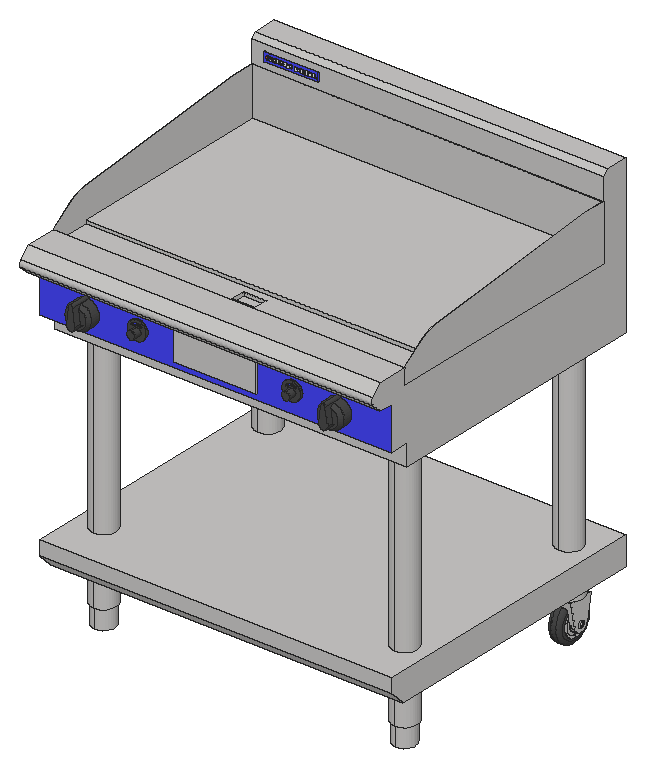
Revit family "QF_MOFFAT_BLUESEAL_CE_GP516-LS", category Specialty Equipment, Revit 2012
Parameters
  Weight in Pounds = 346  # constant formula
  Width [instance] = 900 mm  # constant formula
  URL Cutsheet = "www.moffat.com"
  URL = "www.moffat.com"
  Type Mark [instance] = ""
  Status [instance] = ""
  Specification by User [instance] = ""
  Specification by Manufacturer = ""
  Show Logo [instance] = yes
  Show Casters [instance] = yes
  Serial Number = ""
  Seismic Rating = ""
  SMACNA No = ""
  Revision Code [instance] = ""
  Omniclass Number and Title = ""
  NAFEM Spec ID Number = ""
  Model = "GP516-LS"
  Mechanical Remarks = ""
  Mechanical Connection Type = ""
  Masterspec = ""
  Manufacturer = "MOFFAT BLUESEAL"
  Legs [instance] = not(Show Casters)  # no
  Item Number [instance] = ""
  Installed By [instance] = ""
  Identify Quantity as Lot [instance] = yes
  Height = 970 mm  # constant formula
  Gas Size = 3/4"
  Gas RI Height [instance] = 0 mm
  Gas KW = 22.2
  Gas Input = 75825.0 Btu/h
  Gas Connection Height = 0 mm
  Furnished By [instance] = ""
  Foodservice Equipment Identifier [instance] = yes
  Description = "900MM GAS GRIDDLE PLATE ON LEG STAND"
  Depth [instance] = 812 mm  # constant formula
  CSI MasterFormat = ""
  CSI Master Format = ""
  Back Splash [instance] = 215 mm  # constant formula
Reference planes
  plane 1 "BACK": y = 0
  plane 2: z = 0
  plane 3 "LEFT": x = 0
  plane 4 "RIGHT": x = 900
  plane 5 "FRONT": y = -812
  plane 6 "TOP": z = 970
  plane 7 "Center Y": x = 450
  plane 8 "Center X": y = -406
  plane 9 "Base Height": z = 150
  plane 10: z = 915
  plane 11: y = -625
  plane 12: y = -100
  plane 13: x = 770
  plane 14: z = 710
  plane 15: y = -32
  plane 16: z = 1085
  plane 17: z = 740
  plane 18: x = 65.5
  plane 19: x = 834.5
Forms (mm)
  Extrusion 1, solid, material "QF_Finishes_Stainless Steel"
    sketch origin (0, 0, 0) x (0, 1, 0) y (0, 0, 1)
      loop
        line (0, 222.5) -> (-749, 222.5) -> (-749, 186) -> (-713, 150) -> (0, 150) -> (0, 222.5)
      loop
        line (0, 685) -> (0, 1085) -> (-57.5, 1085) -> (-70, 1072.5) -> (-70, 875) -> (-705, 875) -> (-705, 915) -> (-783.97, 915) -> (-808.485, 890.485)
        arc (-808.485, 890.485) -> (-811.999, 882) -> (-808.485, 873.515) r 12
        line (-808.485, 873.515) -> (-784.97, 850) -> (-749, 850) -> (-749, 740) -> (-699, 740) -> (-699, 685) -> (0, 685)
    from 0 to 900
  Revolve 2, solid, material "QF_Finishes_Stainless Steel", visible <- "Legs"
    sketch origin (834.5, -210, 0) x (0, 1, 0) y (0, 0, -1)
      loop
        line (78.25, -150) -> (110, -150) -> (110, 0) -> (82.5, 0) -> (82.5, -50) -> (78.25, -50) -> (78.25, -150)
      axis (110, -150) -> (110, 0)
    angle from 0 to 360
  Revolve 3, solid, material "QF_Finishes_Stainless Steel"
    sketch origin (834.5, -735, 0) x (0, 1, 0) y (0, 0, -1)
      loop
        line (78.25, -150) -> (110, -150) -> (110, 0) -> (82.5, 0) -> (82.5, -50) -> (78.25, -50) -> (78.25, -150)
      axis (110, -150) -> (110, 0)
    angle from 0 to 360
  Revolve 4, solid, material "QF_Finishes_Stainless Steel", visible <- "Legs"
    sketch origin (65, -210, 0) x (0, 1, 0) y (0, 0, -1)
      loop
        line (78.25, -150) -> (110, -150) -> (110, 0) -> (82.5, 0) -> (82.5, -50) -> (78.25, -50) -> (78.25, -150)
      axis (110, -150) -> (110, 0)
    angle from 0 to 360
  Revolve 5, solid, material "QF_Finishes_Stainless Steel"
    sketch origin (65, -735, 0) x (0, 1, 0) y (0, 0, -1)
      loop
        line (78.25, -150) -> (110, -150) -> (110, 0) -> (82.5, 0) -> (82.5, -50) -> (78.25, -50) -> (78.25, -150)
      axis (110, -150) -> (110, 0)
    angle from 0 to 360
  Revolve 6, solid, material "QF_Finishes_Black"
    sketch origin (127.5, 7, 597.8) x (0, 1, 0) y (0, 0, -1)
      loop
        line (-789, -229.5) -> (-766, -229.5) -> (-766, -202) -> (-756, -202) -> (-756, -197) -> (-800, -197) -> (-800, -223.651) -> (-789, -229.5)
      axis (-800, -197) -> (-756, -197)
    angle from 0 to 360
  Extrusion 7, solid, material "QF_Finishes_Black"
    sketch origin (115.851, 0, 597.958) x (-1, 0, 0) y (0, 0, -1)
      loop
        line (-22.15, -186.037) -> (-16.729, -228.955)
        arc (-16.729, -228.955) -> (-11.73, -233.842) -> (-6.732, -228.955) r 5
        line (-6.732, -228.955) -> (-1.243, -184.87)
        arc (-1.243, -184.87) -> (-12.315, -174.371) -> (-22.15, -186.037) r 10.487
    from 759 to 808
  Extrusion 8, solid, material "QF_Finishes_Stainless Steel"
    sketch origin (0, -749, 866) x (0, 0, -1) y (1, 0, 0)
      loop
        line (25.201, 345) -> (112.1, 345) -> (112.1, 555) -> (25.201, 555) -> (25.201, 345)
    from 0 to 2.5
  Extrusion 9, solid, material "QF_Finishes_Stainless Steel"
    sketch origin (0, -751.5, 866) x (0, 0, -1) y (1, 0, 0)
      loop
        line (32.201, 555) -> (25.201, 555) -> (25.201, 345) -> (32.201, 345) -> (32.201, 555)
    from 0 to 5
  Extrusion 10, void
    sketch origin (0, -756, 740) x (1, 0, 0) y (0, -1, 0)
      loop
        circle (769.998, -724) r 10
    from 0 to 86.329
  Extrusion 11, solid, material "QF_Finishes_Stainless Steel"
    sketch origin (0, 0, 222.5) x (0, -1, 0) y (1, 0, 0)
      loop
        circle (100, 65) r 31.75
      loop
        circle (625, 65) r 31.75
      loop
        circle (100, 835) r 31.75
      loop
        circle (625, 835) r 31.75
    from 0 to 462.5
  Revolve 12, solid, material "QF_Finishes_Stainless Steel", visible <- "Legs"
    sketch origin (65.5, -166, 0) x (0, 1, 0) y (0, 0, 1)
      loop
        line (34.25, 150) -> (34.25, 50) -> (38.5, 50) -> (38.5, 0) -> (66, 0) -> (66, 150) -> (34.25, 150)
      axis (66, 150) -> (66, 0)
    angle from 0 to 360
  Revolve 13, solid, material "QF_Finishes_Stainless Steel", visible <- "Legs"
    sketch origin (835, -166, 0) x (0, 1, 0) y (0, 0, -1)
      loop
        line (34.25, -150) -> (66, -150) -> (66, 0) -> (38.5, 0) -> (38.5, -50) -> (34.25, -50) -> (34.25, -150)
      axis (66, -150) -> (66, 0)
    angle from 0 to 360
  Revolve 14, solid, material "QF_Finishes_Stainless Steel", visible <- "Show Casters"
    sketch origin (16.276, -100.755, -13.653) x (1, 0, 0) y (0, 0, 1)
      loop
        line (14.841, 63.604) -> (83.584, 63.604) -> (83.584, 67.109) -> (82.314, 68.379) -> (80.79, 68.379) -> (80.79, 71.826) -> (68.644, 71.826) -> (68.644, 81.79) -> (65.088, 83.843) -> (63.738, 92.179) -> (65.881, 92.179) -> (65.881, 98.529) -> (65.088, 98.529) -> (65.088, 104.879)
        arc (65.088, 104.879) -> (62.298, 111.614) -> (55.563, 114.404) r 9.525
        line (55.563, 114.404) -> (42.863, 114.404)
        arc (42.863, 114.404) -> (36.127, 111.614) -> (33.338, 104.879) r 9.525
        line (33.338, 104.879) -> (33.338, 98.529) -> (32.544, 98.529) -> (32.544, 92.179) -> (34.687, 92.179) -> (33.352, 83.932) -> (29.782, 81.871) -> (29.782, 71.826) -> (17.635, 71.826) -> (17.635, 68.379) -> (16.111, 68.379) -> (14.841, 67.109) -> (14.841, 63.604)
      axis (14.841, 63.604) -> (83.584, 63.604)
    angle from 0 to 360
  Extrusion 15, solid, material "QF_Finishes_Stainless Steel", visible <- "Show Casters"
    sketch origin (72.001, 132.353, -8.783) x (0, 1, 0) y (0, 0, 1)
      loop
        line (-200.603, 118.783) -> (-264.103, 118.783) -> (-251.746, 53.895)
        arc (-251.746, 53.895) -> (-232.353, 38.783) -> (-212.959, 53.895) r 20
        line (-212.959, 53.895) -> (-200.603, 118.783)
    from -35.667 to 22.923
  Revolve 16, solid, material "QF_Finishes_Stainless Steel", visible <- "Show Casters"
    sketch origin (65.5, -204, 0) x (0, 1, 0) y (0, 0, 1)
      loop
        line (68.25, 150) -> (68.25, 110) -> (104, 110) -> (104, 150) -> (68.25, 150)
      axis (104, 150) -> (104, 110)
    angle from 0 to 360
  Revolve 17, solid, material "QF_Finishes_Stainless Steel", visible <- "Legs"
    sketch origin (65.5, -166, 0) x (0, 1, 0) y (0, 0, 1)
      loop
        line (34.25, 150) -> (34.25, 50) -> (38.5, 50) -> (38.5, 0) -> (66, 0) -> (66, 150) -> (34.25, 150)
      axis (66, 150) -> (66, 0)
    angle from 0 to 360
  Extrusion 18, solid, material "QF_Finishes_Stainless Steel", visible <- "Show Casters"
    sketch origin (841.501, 132.353, -8.783) x (0, 1, 0) y (0, 0, 1)
      loop
        line (-200.603, 118.783) -> (-264.103, 118.783) -> (-251.746, 53.895)
        arc (-251.746, 53.895) -> (-232.353, 38.783) -> (-212.959, 53.895) r 20
        line (-212.959, 53.895) -> (-200.603, 118.783)
    from -35.667 to 22.923
  Revolve 19, solid, material "QF_Finishes_Stainless Steel", visible <- "Show Casters"
    sketch origin (835, -204, 0) x (0, 1, 0) y (0, 0, 1)
      loop
        line (68.25, 150) -> (68.25, 110) -> (104, 110) -> (104, 150) -> (68.25, 150)
      axis (104, 150) -> (104, 110)
    angle from 0 to 360
  Revolve 20, solid, material "QF_Finishes_Stainless Steel", visible <- "Show Casters"
    sketch origin (786.276, -100.755, -13.653) x (1, 0, 0) y (0, 0, 1)
      loop
        line (14.841, 63.604) -> (83.584, 63.604) -> (83.584, 67.109) -> (82.314, 68.379) -> (80.79, 68.379) -> (80.79, 71.826) -> (68.644, 71.826) -> (68.644, 81.79) -> (65.088, 83.843) -> (63.738, 92.179) -> (65.881, 92.179) -> (65.881, 98.529) -> (65.088, 98.529) -> (65.088, 104.879)
        arc (65.088, 104.879) -> (62.298, 111.614) -> (55.563, 114.404) r 9.525
        line (55.563, 114.404) -> (42.863, 114.404)
        arc (42.863, 114.404) -> (36.127, 111.614) -> (33.338, 104.879) r 9.525
        line (33.338, 104.879) -> (33.338, 98.529) -> (32.544, 98.529) -> (32.544, 92.179) -> (34.687, 92.179) -> (33.352, 83.932) -> (29.782, 81.871) -> (29.782, 71.826) -> (17.635, 71.826) -> (17.635, 68.379) -> (16.111, 68.379) -> (14.841, 67.109) -> (14.841, 63.604)
      axis (14.841, 63.604) -> (83.584, 63.604)
    angle from 0 to 360
  Revolve 21, solid, material "QF_Finishes_Black"
    sketch origin (772.616, 7, 597.8) x (0, 1, 0) y (0, 0, -1)
      loop
        line (-789, -229.5) -> (-766, -229.5) -> (-766, -202) -> (-756, -202) -> (-756, -197) -> (-800, -197) -> (-800, -223.651) -> (-789, -229.5)
      axis (-800, -197) -> (-756, -197)
    angle from 0 to 360
  Extrusion 22, solid, material "QF_Finishes_Black"
    sketch origin (760.967, 0, 597.958) x (-1, 0, 0) y (0, 0, -1)
      loop
        line (-22.15, -186.037) -> (-16.729, -228.955)
        arc (-16.729, -228.955) -> (-11.73, -233.842) -> (-6.732, -228.955) r 5
        line (-6.732, -228.955) -> (-1.243, -184.87)
        arc (-1.243, -184.87) -> (-12.315, -174.371) -> (-22.15, -186.037) r 10.487
    from 759 to 808
  Extrusion 23, solid, material "QF_Finishes_Black"
    sketch origin (17.5, -749, 864.306) x (0, 0, -1) y (1, 0, 0)
      loop
        circle (70, 235) r 24
      loop
        arc (60.1, 249.913) -> (52.064, 235.125) -> (59.882, 220.219) r 17.868
        arc (59.882, 220.219) -> (60.362, 219.934) -> (60.877, 220.149) r 0.621
        arc (60.877, 220.149) -> (62.314, 222.708) -> (62.658, 225.622) r 7.495
        arc (62.658, 225.622) -> (62.454, 226.55) -> (62.006, 227.388) r 3.472
        arc (62.006, 227.388) -> (59.714, 234.851) -> (61.844, 242.362) r 13.786
        arc (61.844, 242.362) -> (62.484, 243.632) -> (62.749, 245.028) r 5.101
        arc (62.749, 245.028) -> (62.378, 247.547) -> (61.084, 249.739) r 6.611
        arc (61.084, 249.739) -> (60.622, 249.997) -> (60.1, 249.913) r 0.806
    from 0 to 5
  Extrusion 24, solid, material "QF_Finishes_Black"
    sketch origin (17.5, -754, 864.306) x (0, 0, -1) y (1, 0, 0)
      loop
        circle (73.5, 235) r 10
    from 0 to 18.251
  Extrusion 25, solid, material "QF_Finishes_Black"
    sketch origin (413.125, -749, 864.306) x (0, 0, -1) y (1, 0, 0)
      loop
        circle (70, 235) r 24
      loop
        arc (60.1, 249.913) -> (52.064, 235.125) -> (59.882, 220.219) r 17.868
        arc (59.882, 220.219) -> (60.362, 219.934) -> (60.877, 220.149) r 0.621
        arc (60.877, 220.149) -> (62.314, 222.708) -> (62.658, 225.622) r 7.495
        arc (62.658, 225.622) -> (62.454, 226.55) -> (62.006, 227.388) r 3.472
        arc (62.006, 227.388) -> (59.714, 234.851) -> (61.844, 242.362) r 13.786
        arc (61.844, 242.362) -> (62.484, 243.632) -> (62.749, 245.028) r 5.101
        arc (62.749, 245.028) -> (62.378, 247.547) -> (61.084, 249.739) r 6.611
        arc (61.084, 249.739) -> (60.622, 249.997) -> (60.1, 249.913) r 0.806
    from 0 to 5
  Extrusion 26, solid, material "QF_Finishes_Black"
    sketch origin (413.125, -754, 864.306) x (0, 0, -1) y (1, 0, 0)
      loop
        circle (73.5, 235) r 10
    from 0 to 18.251
Cuts and joins
  joined: Extrusion 8, Extrusion 9
  Extrusion 10 cuts Extrusion 1
Lines and regions (mm)
  Split face 1
    outline origin (900, 0, 1085) x (-1, 0, 0) y (0, -1, 0)
      loop
        arc (624, 45.385) -> (615.34, 40.385) -> (615.34, 30.385) r 10
        line (615.34, 30.385) -> (619.381, 23.385)
        arc (619.381, 23.385) -> (623.041, 19.725) -> (628.041, 18.385) r 10
        line (628.041, 18.385) -> (856, 18.385)
        arc (856, 18.385) -> (864.66, 23.385) -> (864.66, 33.385) r 10
        line (864.66, 33.385) -> (860.619, 40.385)
        arc (860.619, 40.385) -> (856.959, 44.045) -> (851.959, 45.385) r 10
        line (851.959, 45.385) -> (624, 45.385)
  Split face 2
    outline origin (900, 0, 1085) x (-1, 0, 0) y (0, -1, 0)
      loop
        arc (34, 45.385) -> (25.34, 40.385) -> (25.34, 30.385) r 10
        line (25.34, 30.385) -> (29.381, 23.385)
        arc (29.381, 23.385) -> (33.041, 19.725) -> (38.041, 18.385) r 10
        line (38.041, 18.385) -> (266, 18.385)
        arc (266, 18.385) -> (274.66, 23.385) -> (274.66, 33.385) r 10
        line (274.66, 33.385) -> (270.619, 40.385)
        arc (270.619, 40.385) -> (266.959, 44.045) -> (261.959, 45.385) r 10
        line (261.959, 45.385) -> (34, 45.385)
  Split face 3
    outline origin (900, 0, 1085) x (-1, 0, 0) y (0, -1, 0)
      loop
        line (336.021, 18.385) -> (563.979, 18.385)
        arc (563.979, 18.385) -> (572.64, 23.385) -> (572.64, 33.385) r 10
        line (572.64, 33.385) -> (568.598, 40.385)
        arc (568.598, 40.385) -> (564.938, 44.045) -> (559.938, 45.385) r 10
        line (559.938, 45.385) -> (331.979, 45.385)
        arc (331.979, 45.385) -> (323.319, 40.385) -> (323.319, 30.385) r 10
        line (323.319, 30.385) -> (327.36, 23.385)
        arc (327.36, 23.385) -> (331.021, 19.725) -> (336.021, 18.385) r 10
  Split face 4
    outline origin (495, -751.5, 753.9) x (1, 0, 0) y (0, 0, 1)
      loop
        arc (-38, 69) -> (-34, 73) -> (-38, 77) r 4
        line (-38, 77) -> (-52, 77)
        arc (-52, 77) -> (-56, 73) -> (-52, 69) r 4
        line (-52, 69) -> (-38, 69)
  symbolic lines
    curve 1: line (0, 0, 0) -> (0, -812, 0)
    curve 2: line (900, 0, 0) -> (0, 0, 0)
    curve 3: line (900, -812, 0) -> (900, 0, 0)
    curve 4: line (0, -70, 0) -> (900, -70, 0)
    curve 5: line (0, -812, 0) -> (900, -812, 0)
    curve 10: line (0, -57.5, 0) -> (900, -57.5, 0)
    curve 11: line (0, -783.97, 0) -> (900, -783.97, 0)
    curve 12: line (634, -18.385, 0) -> (861.959, -18.385, 0)
    curve 13: arc (861.959, -18.385, 0) -> (866.959, -19.725, 0) -> (870.619, -23.385, 0) r 10
    curve 14: line (870.619, -23.385, 0) -> (874.66, -30.385, 0)
    curve 15: arc (874.66, -30.385, 0) -> (874.66, -40.385, 0) -> (866, -45.385, 0) r 10
    curve 16: line (866, -45.385, 0) -> (638.041, -45.385, 0)
    curve 17: arc (638.041, -45.385, 0) -> (633.041, -44.045, 0) -> (629.381, -40.385, 0) r 10
    curve 18: line (629.381, -40.385, 0) -> (625.34, -33.385, 0)
    curve 19: arc (625.34, -33.385, 0) -> (625.34, -23.385, 0) -> (634, -18.385, 0) r 10
    curve 24: line (336.021, -18.385, 0) -> (563.979, -18.385, 0)
    curve 25: arc (563.979, -18.385, 0) -> (568.979, -19.725, 0) -> (572.64, -23.385, 0) r 10
    curve 26: line (572.64, -23.385, 0) -> (576.681, -30.385, 0)
    curve 27: arc (576.681, -30.385, 0) -> (576.681, -40.385, 0) -> (568.021, -45.385, 0) r 10
    curve 28: line (568.021, -45.385, 0) -> (340.062, -45.385, 0)
    curve 29: arc (340.062, -45.385, 0) -> (335.062, -44.045, 0) -> (331.402, -40.385, 0) r 10
    curve 30: line (331.402, -40.385, 0) -> (327.36, -33.385, 0)
    curve 31: arc (327.36, -33.385, 0) -> (327.36, -23.385, 0) -> (336.021, -18.385, 0) r 10
    curve 32: line (44, -18.385, 0) -> (271.959, -18.385, 0)
    curve 33: arc (271.959, -18.385, 0) -> (276.959, -19.725, 0) -> (280.619, -23.385, 0) r 10
    curve 34: line (280.619, -23.385, 0) -> (284.66, -30.385, 0)
    curve 35: arc (284.66, -30.385, 0) -> (284.66, -40.385, 0) -> (276, -45.385, 0) r 10
    curve 36: line (276, -45.385, 0) -> (48.041, -45.385, 0)
    curve 37: arc (48.041, -45.385, 0) -> (43.041, -44.045, 0) -> (39.381, -40.385, 0) r 10
    curve 38: line (39.381, -40.385, 0) -> (35.34, -33.385, 0)
    curve 39: arc (35.34, -33.385, 0) -> (35.34, -23.385, 0) -> (44, -18.385, 0) r 10
  symbolic lines, style "SpecialityEquipmentHiddenLines", visible <- "Show Casters"
    curve 6: line (78.456, -46.735, 0) -> (105.952, -62.61, 0)
    curve 7: line (27.656, -134.723, 0) -> (78.456, -46.735, 0)
    curve 8: line (55.152, -150.598, 0) -> (27.656, -134.723, 0)
    curve 9: line (105.952, -62.61, 0) -> (55.152, -150.598, 0)
    curve 20: line (847.956, -46.735, 0) -> (875.452, -62.61, 0)
    curve 21: line (797.156, -134.723, 0) -> (847.956, -46.735, 0)
    curve 22: line (824.652, -150.598, 0) -> (797.156, -134.723, 0)
    curve 23: line (875.452, -62.61, 0) -> (824.652, -150.598, 0)
Dimensions and locks
  equal spacing: plane 3 "LEFT", plane 7 "Center Y", plane 4 "RIGHT"
  "Width": plane 3 "LEFT" to plane 4 "RIGHT"
  equal spacing: plane 5 "FRONT", plane 8 "Center X", plane 1 "BACK"
  "Depth": plane 5 "FRONT" to plane 1 "BACK"
  locked: plane 10 to level at 915
  locked: plane 9 "Base Height" to level at 150
  plane 6 "TOP" to plane 10 = 55 mm
  plane 11 to plane 12 = 525 mm
  plane 13 to plane 4 "RIGHT" = 130 mm
  plane 14 to level = 710 mm
  plane 15 to plane 1 "BACK" = 32 mm
  plane 16 to plane 2 = 1085 mm
  Revolve 14 sketch curve to Revolve 14 sketch curve = 50.8 mm
  Extrusion 10 sketch curve to plane 1 "BACK" = 32 mm
  plane 17 to plane 2 = 740 mm
  Revolve 20 sketch curve to Revolve 20 sketch curve = 50.8 mm
  aligned and locked: level to plane 2
Automatic sketch dimensions
  plane 1 "BACK" to curve 1 = 0 mm
  curve 1 to plane 3 "LEFT" = 0 mm
  curve 5 to plane 4 "RIGHT" = 0 mm
  plane 5 "FRONT" to curve 5 = 0 mm
  plane 3 "LEFT" to curve 7 = 27.656 mm
  curve 39 to plane 15 = 1.385 mm
  curve 38 to plane 15 = 8.385 mm
  curve 38 to curve 38 = 4.041 mm
  plane 15 to curve 32 = 13.615 mm
  curve 39 to curve 32 = 8.66 mm
  curve 37 to plane 15 = 3.385 mm
  curve 39 to curve 37 = 4.041 mm
  curve 6 to curve 32 = 166.007 mm
  curve 33 to curve 35 = 4.041 mm  (x2)
  plane 15 to curve 33 = 8.615 mm
  curve 33 to curve 33 = 8.66 mm
  plane 15 to curve 35 = 1.615 mm
  curve 30 to plane 15 = 1.385 mm
  curve 34 to curve 30 = 42.7 mm
  curve 30 to plane 15 = 8.385 mm
  curve 30 to curve 30 = 4.041 mm
  plane 15 to curve 31 = 13.615 mm
  curve 31 to curve 31 = 8.66 mm
  curve 30 to curve 29 = 8.66 mm
  plane 7 "Center Y" to curve 24 = 113.979 mm
  curve 27 to plane 15 = 3.385 mm
  curve 25 to curve 27 = 4.041 mm
  plane 15 to curve 26 = 8.615 mm
  curve 25 to curve 26 = 8.66 mm
  plane 15 to curve 26 = 1.615 mm
  curve 26 to curve 26 = 4.041 mm
  curve 18 to plane 15 = 1.385 mm
  curve 27 to curve 18 = 48.659 mm
  curve 18 to plane 15 = 8.385 mm
  curve 19 to curve 18 = 4.041 mm
  plane 15 to curve 12 = 13.615 mm
  curve 19 to curve 12 = 8.66 mm
  curve 17 to curve 16 = 8.66 mm
  plane 13 to curve 22 = 27.156 mm
  curve 13 to curve 16 = 4.041 mm
  plane 15 to curve 13 = 8.615 mm
  curve 13 to curve 13 = 8.66 mm
  plane 15 to curve 15 = 1.615 mm
  curve 13 to curve 15 = 4.041 mm
  curve 11 to plane 5 "FRONT" = 28.03 mm
  curve 23 to plane 12 = 50.598 mm
  curve 9 to plane 12 = 50.598 mm
  curve 8 to curve 7 = 15.875 mm
  curve 22 to curve 21 = 15.875 mm
  curve 4 to curve 20 = 7.39 mm
  curve 4 to curve 10 = 12.5 mm
  curve 15 to plane 15 = 13.385 mm
  Extrusion 1 sketch curve to plane 10 = 0 mm
  Extrusion 1 sketch curve to plane 17 = 0 mm
  Extrusion 1 sketch curve to plane 9 "Base Height" = 0 mm
  Extrusion 1 sketch curve to plane 16 = 0 mm
  Extrusion 1 sketch curve to plane 1 "BACK" = 0 mm  (x2)
  Extrusion 1 sketch curve to plane 15 = 25.5 mm
  plane 12 to Extrusion 1 sketch curve = 30 mm
  Extrusion 1 sketch curve to plane 14 = 25 mm
  Extrusion 1 sketch curve to plane 11 = 74 mm
  Extrusion 1 sketch curve to plane 10 = 40 mm
  Extrusion 1 sketch curve to plane 11 = 80 mm
  Extrusion 1 sketch curve to plane 11 = 88 mm
  Extrusion 1 sketch curve to Extrusion 1 sketch curve = 44 mm
  Extrusion 1 sketch curve to Extrusion 1 sketch curve = 36 mm
  Extrusion 1 sketch curve to plane 5 "FRONT" = 28.03 mm
  Extrusion 1 sketch curve to plane 5 "FRONT" = 27.03 mm
  Extrusion 1 sketch curve to plane 5 "FRONT" = 12.001 mm
  Extrusion 1 sketch curve to plane 5 "FRONT" = 3.515 mm  (x2)
  plane 9 "Base Height" to Extrusion 1 sketch curve = 36 mm
  Extrusion 1 sketch curve to Extrusion 1 sketch curve = 36.5 mm
  Extrusion 1 sketch curve to plane 10 = 65 mm
  Extrusion 1 sketch curve to Extrusion 1 sketch curve = 23.515 mm
  Extrusion 1 sketch curve to Extrusion 1 sketch curve = 8.485 mm
  Extrusion 1 sketch curve to plane 16 = 12.5 mm
  Revolve 2 sketch curve to plane 9 "Base Height" = 0 mm
  Revolve 2 sketch curve to level = 0 mm
  Revolve 2 sketch curve to plane 12 = 0 mm  (x2)
  Revolve 2 sketch curve to Revolve 2 sketch curve = 27.5 mm
  Revolve 2 sketch curve to Revolve 2 sketch curve = 31.75 mm
  level to Revolve 2 sketch curve = 50 mm
  Revolve 2 sketch curve to Revolve 2 sketch curve = 0 mm
  Revolve 2 sketch curve to Revolve 2 sketch curve = 55 mm
  Revolve 3 sketch curve to plane 9 "Base Height" = 0 mm
  Revolve 3 sketch curve to level = 0 mm
  Revolve 3 sketch curve to plane 11 = 0 mm  (x2)
  Revolve 3 sketch curve to plane 11 = 27.5 mm
  Revolve 3 sketch curve to plane 11 = 31.75 mm
  level to Revolve 3 sketch curve = 50 mm
  Revolve 3 sketch curve to Revolve 3 sketch curve = 0 mm
  Revolve 3 sketch curve to Revolve 3 sketch curve = 55 mm
  Revolve 4 sketch curve to plane 9 "Base Height" = 0 mm
  Revolve 4 sketch curve to level = 0 mm
  Revolve 4 sketch curve to plane 12 = 0 mm  (x2)
  Revolve 4 sketch curve to plane 12 = 27.5 mm
  Revolve 4 sketch curve to plane 12 = 31.75 mm
  level to Revolve 4 sketch curve = 50 mm
  Revolve 4 sketch curve to Revolve 4 sketch curve = 0 mm
  Revolve 4 sketch curve to Revolve 4 sketch curve = 55 mm
  Revolve 5 sketch curve to plane 9 "Base Height" = 0 mm
  Revolve 5 sketch curve to level = 0 mm
  Revolve 5 sketch curve to plane 11 = 0 mm  (x2)
  Revolve 5 sketch curve to plane 11 = 27.5 mm
  Revolve 5 sketch curve to plane 11 = 31.75 mm
  level to Revolve 5 sketch curve = 50 mm
  Revolve 5 sketch curve to Revolve 5 sketch curve = 0 mm
  Revolve 5 sketch curve to Revolve 5 sketch curve = 55 mm
  Revolve 6 sketch curve to plane 5 "FRONT" = 19 mm
  Revolve 6 sketch curve to Revolve 6 sketch curve = 0 mm  (x2)
  Revolve 6 sketch curve to Revolve 6 sketch curve = 11 mm
  Revolve 6 sketch curve to Revolve 6 sketch curve = 12.7 mm
  Revolve 6 sketch curve to Revolve 6 sketch curve = 23 mm
  Revolve 6 sketch curve to Revolve 6 sketch curve = 10 mm
  plane 17 to Revolve 6 sketch curve = 87.3 mm
  Revolve 6 sketch curve to Revolve 6 sketch curve = 5.849 mm
  Revolve 6 sketch curve to Revolve 6 sketch curve = 27.5 mm
  Revolve 6 sketch curve to Revolve 6 sketch curve = 5 mm
  plane 17 to Extrusion 7 sketch curve = 43.995 mm
  Extrusion 7 sketch curve to Extrusion 7 sketch curve = 5.421 mm
  Extrusion 7 sketch curve to Extrusion 7 sketch curve = 10.419 mm
  Extrusion 7 sketch curve to Extrusion 7 sketch curve = 4.999 mm  (x2)
  plane 17 to Extrusion 7 sketch curve = 86.913 mm
  Extrusion 7 sketch curve to Extrusion 7 sketch curve = 10.487 mm
  Extrusion 7 sketch curve to Extrusion 7 sketch curve = 0.113 mm
  Extrusion 7 sketch curve to Extrusion 7 sketch curve = 1.167 mm
  Extrusion 8 sketch curve to plane 10 = 74.201 mm
  plane 17 to Extrusion 8 sketch curve = 13.9 mm
  Extrusion 8 sketch curve to plane 7 "Center Y" = 105 mm
  plane 7 "Center Y" to Extrusion 8 sketch curve = 105 mm
  Extrusion 9 sketch curve to Extrusion 8 = 0 mm  (x2)
  Extrusion 8 to Extrusion 9 sketch curve = 0 mm
  Extrusion 9 sketch curve to Extrusion 9 sketch curve = 7 mm
  Extrusion 10 sketch curve to plane 13 = 0.002 mm
  Extrusion 11 sketch curve to plane 12 = 0 mm  (x2)
  Extrusion 11 sketch curve to plane 11 = 0 mm  (x2)
  Extrusion 11 sketch curve to Extrusion 11 sketch curve = 31.75 mm
  plane 12 to Extrusion 11 sketch curve = 31.75 mm
  plane 11 to Extrusion 11 sketch curve = 31.75 mm  (x2)
  Revolve 12 sketch curve to plane 9 "Base Height" = 0 mm
  Revolve 12 sketch curve to level = 0 mm
  Revolve 12 sketch curve to plane 12 = 0 mm  (x2)
  Revolve 12 sketch curve to plane 12 = 27.5 mm
  Revolve 12 sketch curve to plane 12 = 31.75 mm
  Revolve 12 sketch curve to Revolve 12 sketch curve = 55 mm
  level to Revolve 12 sketch curve = 50 mm
  Revolve 12 sketch curve to Revolve 12 sketch curve = 0 mm
  Revolve 13 sketch curve to plane 9 "Base Height" = 0 mm
  Revolve 13 sketch curve to level = 0 mm
  Revolve 13 sketch curve to plane 12 = 0 mm  (x2)
  Revolve 13 sketch curve to plane 12 = 27.5 mm
  Revolve 13 sketch curve to plane 12 = 31.75 mm
  level to Revolve 13 sketch curve = 50 mm
  Revolve 13 sketch curve to Revolve 13 sketch curve = 0 mm
  Revolve 13 sketch curve to Revolve 13 sketch curve = 55 mm
  plane 3 "LEFT" to Revolve 14 sketch curve = 31.118 mm
  Revolve 14 sketch curve to Revolve 14 sketch curve = 1.27 mm  (x4)
  Revolve 14 sketch curve to Revolve 14 sketch curve = 1.524 mm  (x2)
  Revolve 14 sketch curve to Revolve 14 sketch curve = 12.146 mm  (x2)
  Revolve 14 sketch curve to Revolve 14 sketch curve = 0.794 mm  (x2)
  Revolve 14 sketch curve to Revolve 14 sketch curve = 3.57 mm
  Revolve 14 sketch curve to Revolve 14 sketch curve = 2.143 mm
  Revolve 14 sketch curve to Revolve 14 sketch curve = 1.349 mm  (x2)
  Revolve 14 sketch curve to Revolve 14 sketch curve = 3.556 mm
  Revolve 14 sketch curve to Revolve 14 sketch curve = 33.32 mm
  level to Revolve 14 sketch curve = 49.952 mm
  Revolve 14 sketch curve to Revolve 14 sketch curve = 0 mm
  Revolve 14 sketch curve to Revolve 14 sketch curve = 3.505 mm  (x2)
  Revolve 14 sketch curve to Revolve 14 sketch curve = 3.447 mm  (x2)
  Revolve 14 sketch curve to Revolve 14 sketch curve = 9.964 mm
  Revolve 14 sketch curve to Revolve 14 sketch curve = 10.045 mm
  Revolve 14 sketch curve to Revolve 14 sketch curve = 2.053 mm
  Revolve 14 sketch curve to Revolve 14 sketch curve = 2.061 mm
  Revolve 14 sketch curve to Revolve 14 sketch curve = 8.247 mm
  Revolve 14 sketch curve to Revolve 14 sketch curve = 8.336 mm
  Revolve 14 sketch curve to Revolve 14 sketch curve = 6.35 mm  (x2)
  Extrusion 15 sketch curve to plane 12 = 0 mm
  Extrusion 15 sketch curve to plane 12 = 19.393 mm
  Extrusion 15 sketch curve to plane 12 = 31.75 mm
  plane 12 to Extrusion 15 sketch curve = 19.393 mm
  plane 12 to Extrusion 15 sketch curve = 31.75 mm
  level to Extrusion 15 sketch curve = 45.111 mm
  Extrusion 15 sketch curve to Extrusion 15 sketch curve = 4.889 mm
  Extrusion 15 sketch curve to plane 9 "Base Height" = 40 mm
  Revolve 16 sketch curve to plane 9 "Base Height" = 0 mm
  Revolve 16 sketch curve to plane 12 = 0 mm  (x2)
  Revolve 16 sketch curve to plane 12 = 35.75 mm
  Revolve 16 sketch curve to plane 9 "Base Height" = 40 mm
  level to Revolve 16 sketch curve = 50 mm
  Revolve 16 sketch curve to level = 55 mm
  Revolve 17 sketch curve to plane 9 "Base Height" = 0 mm
  Revolve 17 sketch curve to level = 0 mm
  Revolve 17 sketch curve to plane 12 = 0 mm  (x2)
  Revolve 17 sketch curve to plane 12 = 27.5 mm
  Revolve 17 sketch curve to Revolve 17 sketch curve = 31.75 mm
  Revolve 17 sketch curve to Revolve 17 sketch curve = 55 mm
  level to Revolve 17 sketch curve = 50 mm
  Revolve 17 sketch curve to Revolve 17 sketch curve = 0 mm
  Extrusion 18 sketch curve to plane 12 = 0 mm
  Extrusion 18 sketch curve to plane 12 = 19.393 mm
  Extrusion 18 sketch curve to plane 12 = 31.75 mm
  plane 12 to Extrusion 18 sketch curve = 19.393 mm
  plane 12 to Extrusion 18 sketch curve = 31.75 mm
  level to Extrusion 18 sketch curve = 45.111 mm
  Extrusion 18 sketch curve to Extrusion 18 sketch curve = 4.889 mm
  Extrusion 18 sketch curve to plane 9 "Base Height" = 40 mm
  Revolve 19 sketch curve to plane 9 "Base Height" = 0 mm
  Revolve 19 sketch curve to plane 12 = 0 mm  (x2)
  Revolve 19 sketch curve to Revolve 19 sketch curve = 35.75 mm
  Revolve 19 sketch curve to plane 9 "Base Height" = 40 mm
  level to Revolve 19 sketch curve = 50 mm
  Revolve 19 sketch curve to level = 55 mm
  Split face 1 sketch curve to cut or joined group of Extrusion 1, Extrusion 10 = 27.115 mm
  Split face 1 sketch curve to cut or joined group of Extrusion 1, Extrusion 10 = 284.66 mm
  Split face 1 sketch curve to cut or joined group of Extrusion 1, Extrusion 10 = 23.385 mm
  Split face 1 sketch curve to Split face 1 sketch curve = 4.041 mm  (x4)
  Split face 1 sketch curve to Split face 1 sketch curve = 8.66 mm  (x2)
  Split face 1 sketch curve to cut or joined group of Extrusion 1, Extrusion 10 = 22.115 mm
  Split face 1 sketch curve to cut or joined group of Extrusion 1, Extrusion 10 = 48.041 mm
  Split face 1 sketch curve to cut or joined group of Extrusion 1, Extrusion 10 = 17.115 mm
  Split face 1 sketch curve to Split face 1 sketch curve = 17 mm
  Split face 1 sketch curve to Split face 1 sketch curve = 7 mm
  Split face 2 sketch curve to cut or joined group of Extrusion 1, Extrusion 10 = 25.34 mm
  Split face 2 sketch curve to Split face 2 sketch curve = 4.041 mm  (x4)
  Split face 2 sketch curve to Split face 2 sketch curve = 8.66 mm  (x2)
  Split face 2 sketch curve to cut or joined group of Extrusion 1, Extrusion 10 = 22.115 mm
  Split face 2 sketch curve to Split face 2 sketch curve = 223.917 mm
  Split face 2 sketch curve to cut or joined group of Extrusion 1, Extrusion 10 = 17.115 mm
  Split face 2 sketch curve to Split face 2 sketch curve = 10 mm
  Split face 2 sketch curve to Split face 2 sketch curve = 7 mm  (x3)
  Split face 3 sketch curve to cut or joined group of Extrusion 1, Extrusion 10 = 27.115 mm
  Split face 3 sketch curve to cut or joined group of Extrusion 1, Extrusion 10 = 323.319 mm
  Split face 3 sketch curve to cut or joined group of Extrusion 1, Extrusion 10 = 23.385 mm
  Split face 3 sketch curve to Split face 3 sketch curve = 4.041 mm  (x3)
  Split face 3 sketch curve to Split face 3 sketch curve = 8.66 mm  (x3)
  Split face 3 sketch curve to cut or joined group of Extrusion 1, Extrusion 10 = 12.115 mm
  Split face 3 sketch curve to Split face 3 sketch curve = 223.917 mm
  Split face 3 sketch curve to cut or joined group of Extrusion 1, Extrusion 10 = 18.385 mm
  Split face 3 sketch curve to Split face 3 sketch curve = 10 mm
  Split face 3 sketch curve to Split face 3 sketch curve = 7 mm
  plane 13 to Revolve 20 sketch curve = 31.118 mm
  Revolve 20 sketch curve to Revolve 20 sketch curve = 1.27 mm  (x4)
  Revolve 20 sketch curve to Revolve 20 sketch curve = 1.524 mm  (x2)
  Revolve 20 sketch curve to Revolve 20 sketch curve = 12.146 mm  (x2)
  Revolve 20 sketch curve to Revolve 20 sketch curve = 0.794 mm  (x2)
  Revolve 20 sketch curve to Revolve 20 sketch curve = 3.57 mm
  Revolve 20 sketch curve to Revolve 20 sketch curve = 2.143 mm
  Revolve 20 sketch curve to Revolve 20 sketch curve = 1.349 mm  (x2)
  Revolve 20 sketch curve to Revolve 20 sketch curve = 3.556 mm
  Revolve 20 sketch curve to plane 4 "RIGHT" = 3.18 mm
  level to Revolve 20 sketch curve = 49.952 mm
  Revolve 20 sketch curve to Revolve 20 sketch curve = 0 mm
  Revolve 20 sketch curve to Revolve 20 sketch curve = 3.505 mm  (x2)
  Revolve 20 sketch curve to Revolve 20 sketch curve = 3.447 mm  (x2)
  Revolve 20 sketch curve to Revolve 20 sketch curve = 9.964 mm
  Revolve 20 sketch curve to Revolve 20 sketch curve = 10.045 mm
  Revolve 20 sketch curve to Revolve 20 sketch curve = 2.053 mm
  Revolve 20 sketch curve to Revolve 20 sketch curve = 2.061 mm
  Revolve 20 sketch curve to Revolve 20 sketch curve = 8.247 mm
  Revolve 20 sketch curve to Revolve 20 sketch curve = 8.336 mm
  Revolve 20 sketch curve to Revolve 20 sketch curve = 6.35 mm  (x2)
  cut or joined group of Extrusion 8, Extrusion 9 to Split face 4 sketch curve = 10.899 mm
  Split face 4 sketch curve to cut or joined group of Extrusion 8, Extrusion 9 = 98 mm
  Split face 4 sketch curve to Split face 4 sketch curve = 14 mm
  Split face 4 sketch curve to Split face 4 sketch curve = 4 mm
  Revolve 21 sketch curve to plane 5 "FRONT" = 19 mm
  Revolve 21 sketch curve to Revolve 21 sketch curve = 0 mm  (x2)
  Revolve 21 sketch curve to Revolve 21 sketch curve = 11 mm
  Revolve 21 sketch curve to Revolve 21 sketch curve = 12.7 mm
  Revolve 21 sketch curve to Revolve 21 sketch curve = 23 mm
  Revolve 21 sketch curve to Revolve 21 sketch curve = 10 mm
  plane 17 to Revolve 21 sketch curve = 87.3 mm
  Revolve 21 sketch curve to Revolve 21 sketch curve = 5.849 mm
  Revolve 21 sketch curve to Revolve 21 sketch curve = 27.5 mm
  Revolve 21 sketch curve to Revolve 21 sketch curve = 5 mm
  plane 13 to Extrusion 22 sketch curve = 13.116 mm
  Extrusion 22 sketch curve to Extrusion 22 sketch curve = 5.421 mm
  Extrusion 22 sketch curve to Extrusion 22 sketch curve = 10.419 mm
  Extrusion 22 sketch curve to Extrusion 22 sketch curve = 4.999 mm  (x2)
  plane 17 to Extrusion 22 sketch curve = 86.913 mm
  Extrusion 22 sketch curve to Extrusion 22 sketch curve = 10.487 mm
  Extrusion 22 sketch curve to Extrusion 22 sketch curve = 0.113 mm
  Extrusion 22 sketch curve to Extrusion 22 sketch curve = 42.919 mm
  Extrusion 22 sketch curve to Extrusion 22 sketch curve = 1.167 mm
  plane 3 "LEFT" to curve 39 = 35.34 mm
  curve 7 to curve 8 = 27.496 mm
  curve 6 to plane 15 = 14.735 mm
  Extrusion 7 sketch curve to plane 7 "Center Y" = 312 mm
  plane 3 "LEFT" to Extrusion 11 sketch curve = 65 mm  (x2)
  Revolve 14 sketch curve to Revolve 14 sketch curve = 0.808 mm
  Revolve 14 sketch curve to Revolve 14 sketch curve = 9.525 mm
  Revolve 14 sketch curve to Revolve 14 sketch curve = 24.572 mm
  Revolve 14 sketch curve to Revolve 14 sketch curve = 12.7 mm
  Revolve 14 sketch curve to Revolve 14 sketch curve = 8.176 mm
  curve 21 to curve 23 = 27.496 mm
  curve 21 to plane 15 = 14.735 mm
  curve 20 to curve 12 = 14.003 mm
  Extrusion 11 sketch curve to Extrusion 11 sketch curve = 0 mm  (x2)
  plane 4 "RIGHT" to Extrusion 11 sketch curve = 65 mm  (x2)
  Revolve 20 sketch curve to Revolve 20 sketch curve = 0.808 mm
  Revolve 20 sketch curve to Revolve 20 sketch curve = 9.525 mm
  Revolve 20 sketch curve to Revolve 20 sketch curve = 24.572 mm
  Revolve 20 sketch curve to Revolve 20 sketch curve = 12.7 mm
  Revolve 20 sketch curve to Revolve 20 sketch curve = 8.176 mm
  plane 17 to Extrusion 23 sketch curve = 69.119 mm
  Extrusion 23 sketch curve to Extrusion 23 sketch curve = 0.958 mm
  Extrusion 23 sketch curve to Extrusion 23 sketch curve = 1.509 mm
  Extrusion 23 sketch curve to Extrusion 23 sketch curve = 4.01 mm
  Extrusion 23 sketch curve to Extrusion 23 sketch curve = 0.685 mm
  Extrusion 23 sketch curve to Extrusion 23 sketch curve = 2.447 mm
  Extrusion 23 sketch curve to Extrusion 23 sketch curve = 0.524 mm
  Extrusion 23 sketch curve to Extrusion 23 sketch curve = 0.381 mm
  Extrusion 23 sketch curve to Extrusion 23 sketch curve = 0.472 mm
  Extrusion 23 sketch curve to Extrusion 23 sketch curve = 0 mm  (x5)
  Extrusion 23 sketch curve to Extrusion 23 sketch curve = 0.602 mm
  Extrusion 23 sketch curve to Extrusion 23 sketch curve = 4.19 mm
  Extrusion 23 sketch curve to Extrusion 23 sketch curve = 2.809 mm
  Extrusion 23 sketch curve to Extrusion 23 sketch curve = 0.652 mm
  Extrusion 23 sketch curve to Extrusion 23 sketch curve = 0.905 mm
  Extrusion 23 sketch curve to Extrusion 23 sketch curve = 8.087 mm
  Extrusion 23 sketch curve to Extrusion 23 sketch curve = 0.069 mm
  Extrusion 23 sketch curve to Extrusion 23 sketch curve = 3.5 mm
  plane 18 to Extrusion 23 sketch curve = 172.149 mm
  Extrusion 23 sketch curve to Extrusion 23 sketch curve = 0.07 mm
  Extrusion 23 sketch curve to Extrusion 23 sketch curve = 7.606 mm
  Extrusion 23 sketch curve to Extrusion 23 sketch curve = 0.007 mm
  plane 17 to Extrusion 25 sketch curve = 69.119 mm
  Extrusion 25 sketch curve to Extrusion 25 sketch curve = 0.958 mm
  Extrusion 25 sketch curve to Extrusion 25 sketch curve = 1.509 mm
  Extrusion 25 sketch curve to Extrusion 25 sketch curve = 4.01 mm
  Extrusion 25 sketch curve to Extrusion 25 sketch curve = 0.685 mm
  Extrusion 25 sketch curve to Extrusion 25 sketch curve = 2.447 mm
  Extrusion 25 sketch curve to Extrusion 25 sketch curve = 0.524 mm
  Extrusion 25 sketch curve to Extrusion 25 sketch curve = 0.381 mm
  Extrusion 25 sketch curve to Extrusion 25 sketch curve = 0.472 mm
  Extrusion 25 sketch curve to Extrusion 25 sketch curve = 0 mm  (x5)
  Extrusion 25 sketch curve to Extrusion 25 sketch curve = 0.602 mm
  Extrusion 25 sketch curve to Extrusion 25 sketch curve = 4.19 mm
  Extrusion 25 sketch curve to Extrusion 25 sketch curve = 2.809 mm
  Extrusion 25 sketch curve to Extrusion 25 sketch curve = 0.652 mm
  Extrusion 25 sketch curve to Extrusion 25 sketch curve = 0.905 mm
  Extrusion 25 sketch curve to Extrusion 25 sketch curve = 8.087 mm
  Extrusion 25 sketch curve to Extrusion 25 sketch curve = 0.069 mm
  Extrusion 25 sketch curve to Extrusion 25 sketch curve = 3.5 mm
  Extrusion 25 sketch curve to plane 13 = 136.726 mm
  Extrusion 25 sketch curve to Extrusion 25 sketch curve = 0.07 mm
  Extrusion 25 sketch curve to Extrusion 25 sketch curve = 7.606 mm
  Extrusion 25 sketch curve to Extrusion 25 sketch curve = 0.007 mm
  radius of Extrusion 10 sketch curve = 10 mm
  radius of Extrusion 23 sketch curve = 24 mm
  radius of Extrusion 24 sketch curve to Extrusion 23 = 3.786 mm
  radius of Extrusion 25 sketch curve = 24 mm
  radius of Extrusion 26 sketch curve to Extrusion 25 = 3.786 mm
Nested families
  nested 1: "WALDORF LOGO_FACE BASE" at (32, -70, 1056.885) x (1, 0, 0) z (0, -1, 0), visible <- "Show Logo", type "WALDORF LOGO_FACE BASE", detail levels medium+fine
    with Show Logo yes
  nested 2: "GAS GRIDDLE 900" at (0, -70, 874.5), type "GAS GRIDDLE 900"
    with Width 900 mm, Type Mark "", Status "", Specification by User "", Show Clearance yes, Revision Code "", Number of Poles 1, Mechanical Remarks "", Mechanical Connection Type "", Item Number "", Installed By "", Identify Quantity as Lot yes, Gas RI Height 0 mm, Gas KW 0, Gas Input 0.0 Btu/h, Furnished By "", Foodservice Equipment Identifier yes, Electrical Remarks "", Electric Connection Type "", Elec Conn RI Height 0 mm, Elec Conn Connection Height 0 mm, Depth 635 mm
Definition of nested family "WALDORF LOGO_FACE BASE"
  Parameters (values of type "WALDORF LOGO_FACE BASE")
    Show Logo [instance] = yes
    Default Elevation = 1219.2 mm
  Reference planes
    plane 1 "Center (Front/Back)": y = 0
    plane 2: z = 0
    plane 3 "Center (Left/Right)": x = 0
  Forms (mm)
    Extrusion 1, solid
      sketch origin (0, 0, 0) x (1, 0, 0) y (0, 1, 0)
        loop
          line (-1219.2, 1219.2) -> (-1219.2, -1219.2) -> (1219.2, -1219.2) -> (1219.2, 1219.2) -> (-1219.2, 1219.2)
      from 0 to -304.8
    Extrusion 2, solid, material "QF_Finishes_Blue", visible <- "Show Logo"
      sketch origin (0, -33.217, 0) x (1, 0, 0) y (0, 1, 0)
        loop
          arc (138, 31.942) -> (137.626, 32.844) -> (136.724, 33.217) r 1.276
          line (136.724, 33.217) -> (1.29, 33.217)
          arc (1.29, 33.217) -> (0.378, 32.839) -> (0, 31.927) r 1.29
          line (0, 31.927) -> (0, 11.507)
          arc (0, 11.507) -> (0.378, 10.595) -> (1.29, 10.217) r 1.29
          line (1.29, 10.217) -> (136.71, 10.217)
          arc (136.71, 10.217) -> (137.622, 10.595) -> (138, 11.507) r 1.29
          line (138, 11.507) -> (138, 31.942)
      from 0 to 1.588
    Extrusion 3, solid, material "QF_Finishes_White", visible <- "Show Logo"
      sketch origin (0, -33.217, 1.588) x (1, 0, 0) y (0, 1, 0)
        loop
          arc (108.946, 25.919) -> (107.613, 25.367) -> (107.061, 24.034) r 1.885
          line (107.061, 24.034) -> (107.061, 17.211) -> (112.704, 17.211) -> (112.704, 19.129) -> (115.546, 19.129) -> (115.546, 17.211) -> (121.584, 17.211) -> (121.584, 24.075)
          arc (121.584, 24.075) -> (121.043, 25.379) -> (119.739, 25.919) r 1.845
          line (119.739, 25.919) -> (108.946, 25.919)
        loop
          line (123.478, 25.919) -> (123.478, 17.163) -> (134.904, 17.163) -> (134.904, 19.129) -> (129.246, 19.129) -> (129.246, 25.919) -> (123.478, 25.919)
        loop
          line (112.704, 21.258) -> (115.546, 21.258) -> (115.546, 22.702)
          arc (115.546, 22.702) -> (115.344, 23.188) -> (114.858, 23.389) r 0.687
          line (114.858, 23.389) -> (113.363, 23.389)
          arc (113.363, 23.389) -> (112.897, 23.196) -> (112.704, 22.73) r 0.658
          line (112.704, 22.73) -> (112.704, 21.258)
        loop
          line (105.071, 25.919) -> (93.771, 25.919) -> (93.771, 17.163) -> (105.071, 17.163) -> (105.071, 19.063) -> (99.535, 19.063) -> (99.535, 20.437) -> (105.071, 20.437) -> (105.071, 22.278) -> (99.535, 22.278) -> (99.535, 23.587) -> (105.071, 23.587) -> (105.071, 25.919)
        loop
          line (91.104, 25.919) -> (79.541, 25.919)
          arc (79.541, 25.919) -> (78.558, 25.513) -> (78.152, 24.53) r 1.389
          line (78.152, 24.53) -> (78.152, 22.08)
          arc (78.152, 22.08) -> (78.558, 21.098) -> (79.541, 20.691) r 1.389
          line (79.541, 20.691) -> (86.346, 20.691) -> (86.346, 18.864) -> (83.266, 18.864) -> (83.266, 19.664) -> (78.152, 19.664) -> (78.152, 18.553)
          arc (78.152, 18.553) -> (78.558, 17.57) -> (79.541, 17.163) r 1.389
          line (79.541, 17.163) -> (91.063, 17.163)
          arc (91.063, 17.163) -> (92.045, 17.57) -> (92.452, 18.553) r 1.389
          line (92.452, 18.553) -> (92.452, 20.691)
          arc (92.452, 20.691) -> (92.045, 21.673) -> (91.063, 22.08) r 1.389
          line (91.063, 22.08) -> (83.266, 22.08) -> (83.266, 23.984) -> (86.346, 23.984) -> (86.346, 22.743) -> (92.452, 22.743) -> (92.452, 24.571)
          arc (92.452, 24.571) -> (92.057, 25.524) -> (91.104, 25.919) r 1.348
        loop
          line (70.705, 25.919) -> (59.405, 25.919) -> (59.405, 17.163) -> (70.705, 17.163) -> (70.705, 19.063) -> (65.169, 19.063) -> (65.169, 20.437) -> (70.705, 20.437) -> (70.705, 22.278) -> (65.169, 22.278) -> (65.169, 23.587) -> (70.705, 23.587) -> (70.705, 25.919)
        loop
          line (57.598, 25.919) -> (51.7, 25.919) -> (51.7, 20.18)
          arc (51.7, 20.18) -> (50.63, 19.11) -> (49.56, 20.18) r 1.07
          line (49.56, 20.18) -> (49.56, 25.919) -> (43.663, 25.919) -> (43.663, 19.049)
          arc (43.663, 19.049) -> (44.215, 17.716) -> (45.548, 17.163) r 1.885
          line (45.548, 17.163) -> (55.71, 17.163)
          arc (55.71, 17.163) -> (57.045, 17.716) -> (57.598, 19.051) r 1.887
          line (57.598, 19.051) -> (57.598, 25.919)
        loop
          line (31.62, 25.919) -> (31.62, 17.163) -> (43.046, 17.163) -> (43.046, 19.129) -> (37.388, 19.129) -> (37.388, 25.919) -> (31.62, 25.919)
        loop
          line (15.969, 25.919) -> (15.969, 17.163) -> (28.693, 17.163)
          arc (28.693, 17.163) -> (29.812, 17.627) -> (30.276, 18.746) r 1.582
          line (30.276, 18.746) -> (30.276, 20.447) -> (29.48, 21.243) -> (30.276, 22.039) -> (30.276, 24.332)
          arc (30.276, 24.332) -> (29.811, 25.454) -> (28.688, 25.919) r 1.587
          line (28.688, 25.919) -> (15.969, 25.919)
        loop
          line (21.449, 24.159) -> (21.449, 22.436) -> (23.862, 22.436)
          arc (23.862, 22.436) -> (24.723, 23.298) -> (23.862, 24.159) r 0.861
          line (23.862, 24.159) -> (21.449, 24.159)
        loop
          line (21.449, 20.244) -> (21.449, 18.522) -> (23.862, 18.522)
          arc (23.862, 18.522) -> (24.723, 19.383) -> (23.862, 20.244) r 0.861
          line (23.862, 20.244) -> (21.449, 20.244)
      from 0 to 0.2
    Extrusion 4, solid, material "QF_Finishes_Blue", visible <- "Show Logo"
      sketch origin (-126.498, -31.09, 1.588) x (1, 0, 0) y (0, 1, 0)
        loop
          line (136.738, 23.522) -> (136.738, 15.1)
          arc (136.738, 15.1) -> (140.756, 19.311) -> (136.738, 23.522) r 4.216
      from 0 to 0.2
    Extrusion 5, solid, material "QF_Finishes_Red", visible <- "Show Logo"
      sketch origin (146.849, -31.09, 1.588) x (-1, 0, 0) y (0, -1, 0)
        loop
          arc (136.738, -23.522) -> (140.756, -19.311) -> (136.738, -15.1) r 4.216
          line (136.738, -15.1) -> (136.738, -23.522)
      from 0 to 0.2
  Lines and regions (mm)
    Split face 1
      outline origin (-90.35, -30.793, 1.588) x (1, 0, 0) y (0, 1, 0)
        loop
          circle (100.54, 19.013) r 4.536
  Dimensions and locks
    aligned and locked: plane 2 to Extrusion 1
    aligned and locked: level to Extrusion 1
Definition of nested family "GAS GRIDDLE 900"
  Parameters (values of type "GAS GRIDDLE 900")
    Width [instance] = 900 mm
    Weight in Pounds = 0
    Watts = 0 W
    Volts = 0 V
    URL Cutsheet = ""
    Type Mark [instance] = ""
    Status [instance] = ""
    Specification by User [instance] = ""
    Specification by Manufacturer = ""
    Show Clearance [instance] = yes
    Serial Number = ""
    Seismic Rating = ""
    SMACNA No = ""
    Revision Code [instance] = ""
    Phase = 1
    Omniclass Number and Title = ""
    Number of Poles [instance] = 1
    NAFEM Spec ID Number = ""
    Min Ckt Ampacity = 0 A
    Mechanical Remarks [instance] = ""
    Mechanical Connection Type [instance] = ""
    Max Overcurrent Protection = 0 A
    Masterspec = ""
    Item Number [instance] = ""
    Installed By [instance] = ""
    Identify Quantity as Lot [instance] = yes
    HP = ""
    Gas Size = 0"
    Gas RI Height [instance] = 0 mm
    Gas KW [instance] = 0
    Gas Input [instance] = 0.0 Btu/h
    Gas Connection Height = 0 mm
    Furnished By [instance] = ""
    Foodservice Equipment Identifier [instance] = yes
    FL Amps = 0 A
    Electrical Remarks [instance] = ""
    Electric Connection Type [instance] = ""
    Elec Conn RI Height [instance] = 0 mm
    Elec Conn Connection Height [instance] = 0 mm
    Depth [instance] = 635 mm
    Cycle = 0 Hz
    Conn Plug = ""
    Conn Conduit = yes
    CSI MasterFormat = ""
    CSI Master Format = ""
    Apparent Power = if(Phase = 3, Volts * FL Amps * 1.73, Volts * FL Amps)  # 0 VA
  Reference planes
    plane 1 "BACK": y = 0
    plane 2: z = 0
    plane 3 "LEFT": x = 0
    plane 4 "RIGHT": x = 900
    plane 5 "FRONT": y = -635
    plane 6 "TOP": z = 142.5
    plane 7 "Center Y": x = 450
    plane 8 "Center X": y = -317.5
    plane 9: y = -530.997
    plane 10: y = -541.497
    plane 11: y = -503.25
    plane 12: y = -557.737
  Forms (mm)
    Extrusion 1, solid, material "QF_Finishes_Stainless Steel"
      sketch origin (0, 70.003, -874.5) x (0, 1, 0) y (0, 0, 1)
        loop
          line (-70, 875) -> (-70, 1017) -> (-127.048, 1017) -> (-604.533, 971.023)
          arc (-604.533, 971.023) -> (-629.56, 965.303) -> (-652.306, 953.399) r 100
          line (-652.306, 953.399) -> (-705.003, 916.5) -> (-705.003, 875) -> (-70, 875)
      from 0 to 1.8
    Extrusion 2, solid, material "QF_Finishes_Stainless Steel"
      sketch origin (600, 70.003, -874.5) x (0, -1, 0) y (0, 0, 1)
        loop
          line (70, 875) -> (705.003, 875) -> (705.003, 916.5) -> (652.306, 953.399)
          arc (652.306, 953.399) -> (629.56, 965.303) -> (604.533, 971.023) r 100
          line (604.533, 971.023) -> (127.048, 1017) -> (70, 1017) -> (70, 875)
      from -300 to -298.8
    Extrusion 3, solid, material "QF_Finishes_Stainless Steel"
      sketch origin (150, 70.003, -874.5) x (0, 1, 0) y (0, 0, 1)
        loop
          line (-70.003, 894) -> (-602.103, 894) -> (-602.103, 884.5) -> (-683.795, 884.5) -> (-683.795, 895) -> (-705.003, 895) -> (-705.003, 875) -> (-70.003, 875) -> (-70.003, 894)
      from -148.2 to 748.8
    Extrusion 4, void
      sketch origin (150, -561.497, 10) x (0, -1, 0) y (1, 0, 0)
        loop
          line (-9.205, 270) -> (29.295, 270) -> (29.295, 330) -> (-9.205, 330) -> (-9.205, 270)
      from -41.4 to 40.142
    Extrusion 5, solid, material "QF_Finishes_Stainless Steel"
      sketch origin (0, 0, 0) x (1, 0, 0) y (0, 1, 0)
        loop
          line (1.8, 0) -> (1.8, -1.2) -> (898.8, -1.2) -> (898.8, 0) -> (1.8, 0)
      from 19.5 to 142.5
  Cuts and joins
    Extrusion 4 cuts Extrusion 3
    joined: Extrusion 1, Extrusion 2, Extrusion 3
  Lines and regions (mm)
    symbolic lines
      curve 1: line (900, -532.1, 0) -> (0, -532.1, 0)
      curve 2: line (0, -613.792, 0) -> (900, -613.792, 0)
      curve 3: line (0, 0, 0) -> (900, 0, 0)
      curve 4: line (900, 0, 0) -> (900, -635, 0)
      curve 5: line (0, -635, 0) -> (0, 0, 0)
      curve 6: line (0, -635, 0) -> (900, -635, 0)
      curve 7: line (420, -552.292, 0) -> (480, -552.292, 0)
      curve 8: line (420, -590.792, 0) -> (420, -552.292, 0)
      curve 9: line (480, -590.792, 0) -> (420, -590.792, 0)
      curve 10: line (480, -552.292, 0) -> (480, -590.792, 0)
  Dimensions and locks
    equal spacing: plane 3 "LEFT", plane 7 "Center Y", plane 4 "RIGHT"
    "Width": plane 3 "LEFT" to plane 4 "RIGHT"
    equal spacing: plane 5 "FRONT", plane 8 "Center X", plane 1 "BACK"
    "Depth": plane 5 "FRONT" to plane 1 "BACK"
    locked: Extrusion 2 to Extrusion 2 at 1.2
    aligned and locked: level to plane 2
    aligned and locked: Extrusion 2 to plane 4 "RIGHT"
    aligned and locked: cut or joined group of Extrusion 1, Extrusion 2, Extrusion 3, Extrusion 4 to cut or joined group of Extrusion 1, Extrusion 2, Extrusion 3, Extrusion 4
  Automatic sketch dimensions
    Extrusion 1 sketch curve to plane 5 "FRONT" = 0 mm
    Extrusion 1 sketch curve to plane 6 "TOP" = 0 mm
    plane 12 to Extrusion 1 sketch curve = 24.566 mm
    Extrusion 1 sketch curve to plane 12 = 23.207 mm
    Extrusion 1 sketch curve to level = 3.016 mm
    plane 11 to Extrusion 1 sketch curve = 21.695 mm
    plane 1 "BACK" to Extrusion 1 sketch curve = 57.045 mm
    Extrusion 1 sketch curve to plane 1 "BACK" = 0.003 mm
    level to Extrusion 1 sketch curve = 0.5 mm
    Extrusion 1 sketch curve to Extrusion 1 sketch curve = 41.5 mm
    Extrusion 1 sketch curve to plane 6 "TOP" = 63.601 mm
    Extrusion 2 sketch curve to plane 6 "TOP" = 0 mm
    Extrusion 2 sketch curve to plane 5 "FRONT" = 0 mm
    plane 12 to Extrusion 2 sketch curve = 24.566 mm
    Extrusion 2 sketch curve to plane 12 = 23.207 mm
    Extrusion 2 sketch curve to level = 3.016 mm
    plane 11 to Extrusion 2 sketch curve = 21.695 mm
    plane 1 "BACK" to Extrusion 2 sketch curve = 57.045 mm
    Extrusion 2 sketch curve to plane 1 "BACK" = 0.003 mm
    level to Extrusion 2 sketch curve = 0.5 mm
    Extrusion 2 sketch curve to Extrusion 2 sketch curve = 41.5 mm
    Extrusion 2 sketch curve to plane 6 "TOP" = 63.601 mm
    Extrusion 3 sketch curve to plane 5 "FRONT" = 0 mm
    Extrusion 3 sketch curve to plane 1 "BACK" = 0 mm
    level to Extrusion 3 sketch curve = 10 mm
    Extrusion 3 sketch curve to plane 5 "FRONT" = 21.208 mm
    plane 9 to Extrusion 3 sketch curve = 1.103 mm
    level to Extrusion 3 sketch curve = 0.5 mm
    Extrusion 3 sketch curve to Extrusion 3 sketch curve = 10.5 mm
    Extrusion 3 sketch curve to Extrusion 3 sketch curve = 9.5 mm
    Extrusion 4 sketch curve to plane 12 = 5.445 mm
    plane 12 to Extrusion 4 sketch curve = 33.055 mm
    Extrusion 4 sketch curve to plane 7 "Center Y" = 30 mm
    Extrusion 4 sketch curve to Extrusion 4 sketch curve = 60 mm
    plane 1 "BACK" to Extrusion 5 sketch curve = 0 mm
    plane 3 "LEFT" to Extrusion 5 sketch curve = 1.8 mm
    plane 4 "RIGHT" to Extrusion 5 sketch curve = 1.2 mm
    Extrusion 5 sketch curve to Extrusion 5 sketch curve = 1.2 mm
    curve 6 to plane 3 "LEFT" = 0 mm
    curve 4 to plane 4 "RIGHT" = 0 mm
    plane 5 "FRONT" to curve 6 = 0 mm
    plane 1 "BACK" to curve 3 = 0 mm
    curve 8 to plane 12 = 5.445 mm
    curve 8 to plane 7 "Center Y" = 30 mm
    curve 7 to curve 10 = 60 mm
    curve 2 to plane 5 "FRONT" = 21.208 mm
    plane 12 to curve 9 = 33.055 mm
    curve 1 to plane 12 = 25.637 mm
